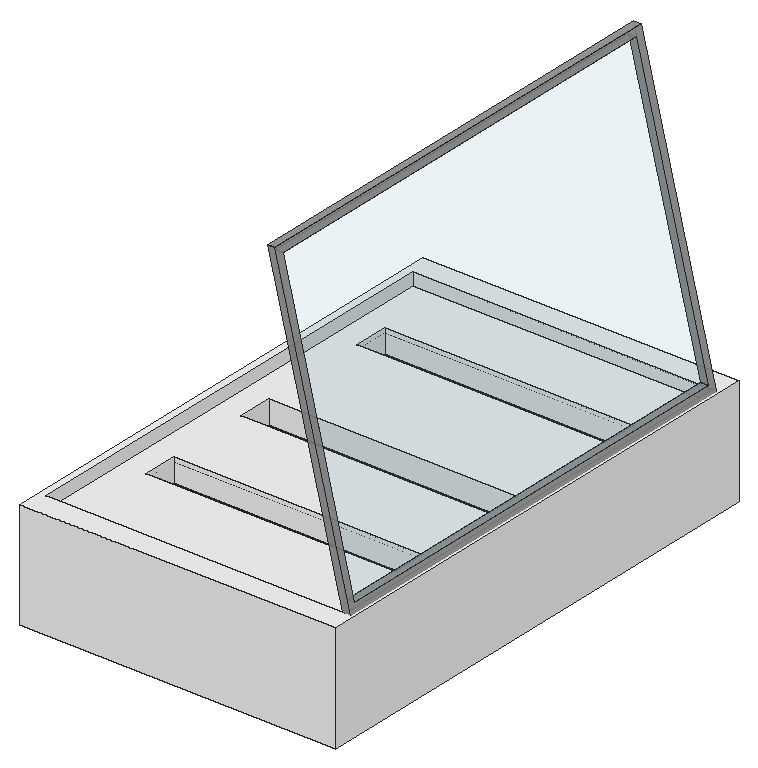
Revit family "Building-ContenitoriParete-GEWISS-40CDK-CENTRALINI_IP65_3X", category Apparecchi elettrici, host Superficie, Revit 2016
Family settings
  Host = Superficie
  Mantenere orientamento annotazione = Sì
  Tipo di parte = Normale
  Quota connettore circolare = Usa diametro
  Numero OmniClass = 23.80.30.11.17
  Titolo OmniClass = Distribution Boards and Control Panels
  Taglio con vuoti quando caricato = No
  Condiviso = No
  Punto di calcolo locali = Sì
Parameters (values of type "GW40108 - QUADRO DIS.PARETE 54M.(18X3) IP65")
  voltaggio_quadro = 0 V
  fase1 = 0 VA
  Versione file RFA = "18.0"
  VISIBILITA'_QUADRO_IN PIANTA [instance] = yes
  VISIBILITA'_ETICHETTA QUADRO [instance] = yes
  URL = "https://www.gewiss.com/it/it"
  Tipo Materiale = "Halogen free secondo norma EN 60754-2"
  Termopressione con biglia = "70 °C"
  Tensione nominale di isolamento (Ui) = "1000 V"
  Tensione nominale = "400V"
  Tensione di isolamento: = "1000 V secondo EN 62208 sia in ac che in dc"
  Temperatura di impiego = "-25 +60 °C"
  Spostamento_x [instance] = 1000 mm
  Spostamento_effettivo_x [instance] = 1000 mm + Spostamento_x  # 2000 mm
  Spostamento_effettivo_x_ET [instance] = 1000 mm + Spostamento_x_ET  # 2000 mm
  Spostamento_x_ET = 1000 mm
  VISIBILITA'_SPORTELLO [instance] = yes
  VISIBILITA'_SIMBOLO_2D [instance] = yes
  Scheda Tecnica = "https://www.gewiss.com/it/it/search?q=GW40108"
  SEO = "Quadro"
  Resistenza agli urti = "IK09"
  QUADRO = FINITURA BIANCA
  Default Elevation = 1219.2 mm
  Prondita_quadro = 140 mm  # constant formula
  Produttore = "GEWISS S.p.A."
  Potenza dissipabile (W) = "66"
  Normativa = "EN 60670-1 (CEI 23-48) IEC60670-24 CEI 23-49"
  Norma di riferimento = "EN 60670-1 (CEI 23-48) IEC60670-24 CEI 23-49"
  Nome quadro [instance] = "Nome quadro"
  N.M. = 18
  N. mod. EN 50022: = "54 (18x3)"
  N. mod. EN 50022 = "54 (18x3)"
  Modello = "GW40108"
  Max.morsettiere installabili = "2 x18 moduli"
  L_quadro = 410 mm
  L_finestratura = Dimensione_modulo * N.M.  # 324 mm
  IDT = "68f9e14e-b0aa-41f9-8f3c-b00676268cd7"
  IDF = "fb6c3057-3f66-45a4-bcb5-148792d77ec7"
  H_quadro = 655 mm
  H_finestratura = 45 mm  # constant formula
  Grado di protezione = "IP65"
  Glow Wire Test = "650°C"
  Dimensione_modulo = 18 mm
  Dim. esterne BxHxP (mm) = "410x655x140"
  Diametro_tubazione = 30 mm
  Descrizione = "QUADRO DIS.PARETE 54M.(18X3) IP65"
  Creato da GEWISS S.p.A. = ""
  Corrente nominale: = "125A"
  Colore porta = "Trasparente fume'"
  Colore = "Grigio RAL 7035"
  Codice Electrocod = "0321"
  Codice EAN = "8011564062252"
  Classe isolamento = "II (secondo Norma IEC 61140)"
  Catalogo Serie = "40 CDK"
  Catalogo = "BUILDING"
  COBie.Tagnumber = ""
  COBie.CreatedOn = ""
  COBie.CreatebBy = ""
  COBie.ComponentRegisterItemID = ""
  COBie.Component.TagNumber = ""
  COBie.Component.Space = ""
  COBie.Component.SerialNumber = ""
  COBie.Component.InstallationDate = ""
  COBie.Component.Description = ""
  COBie.Component.BarCode = ""
  Apertura [instance] = 45.00°
  Accessori per ripristino isolamento = "Tappi coprivite (GW44623) o staffe di fissaggio in resina (GW44621)"
Types (2, lengths in mm): name | Scheda Tecnica | Potenza dissipabile (W) | N.M. | N. mod. EN 50022: | N. mod. EN 50022 | Modello | Max.morsettiere installabili | L_quadro | L_finestratura | IDT | H_quadro | Dim. esterne BxHxP (mm) | Descrizione | Codice EAN
  GW40105 - QUADRO DIS.PARETE 36M.(12X3) IP65 | "https://www.gewiss.com/it/it/search?q=GW40105" | "42" | 12 | "36 (12x3)" | "36 (12x3)" | "GW40105" | "3 x 12 moduli" | 298 | 216 | "85c86d03-d810-418a-93a3-42e2bad50342" | 570 | "298x570x140" | "QUADRO DIS.PARETE 36M.(12X3) IP65" | "8011564111370"
  GW40108 - QUADRO DIS.PARETE 54M.(18X3) IP65 | "https://www.gewiss.com/it/it/search?q=GW40108" | "66" | 18 | "54 (18x3)" | "54 (18x3)" | "GW40108" | "2 x18 moduli" | 410 | 324 | "68f9e14e-b0aa-41f9-8f3c-b00676268cd7" | 655 | "410x655x140" | "QUADRO DIS.PARETE 54M.(18X3) IP65" | "8011564062252"
Reference planes
  plane 1 "Centro (Fronte/Retro)": y = 0
  plane 2: z = 0
  plane 3 "Centro (Sinistra/Destra)": x = 0
  plane 4: x = -205
  plane 5: y = -327.5
  plane 6: x = 205
  plane 7: y = 327.5
  plane 8: x = -162
  plane 9: x = 162
  plane 10: z = 140
  plane 11: y = 297.5
  plane 12: y = -297.5
  plane 13 "POSIZIONE": z = 124
  plane 14: z = 94
  plane 15: z = 119
  plane 16: x = -2000
  plane 17: x = 0
  plane 18: z = 534
  plane 19: y = -153.94
  plane 20: y = 22.5
  plane 21: y = -22.5
  plane 22: x = -195
  plane 23: x = 195
  plane 24: x = 0
  plane 25: y = 211.06
  plane 26: y = 146.06
  plane 27: y = 166.06
  plane 28: y = -131.44
  plane 29: y = -176.44
  plane 30: z = 135
  plane 31: y = -196.44
  plane 32: y = -111.44
  plane 33: y = -42.5
  plane 34: y = 42.5
  plane 35: y = 146.06
  plane 36: y = 231.06
  plane 37: z = 150
  plane 38: y = 287.5
  plane 39: y = -287.5
Forms (mm)
  Extrusion 1, solid, material "FINITURA BIANCA" <- "QUADRO"
    sketch origin (0, 0, 0) x (1, 0, 0) y (0, 1, 0)
      loop
        line (-205, 327.5) -> (-205, -327.5) -> (205, -327.5) -> (205, 327.5) -> (-205, 327.5)
    from 0 to 140
  Extrusion 2, void
    sketch origin (0, 0, 0) x (1, 0, 0) y (0, 1, 0)
      loop
        line (-195, 297.5) -> (-195, -297.5) -> (195, -297.5) -> (195, 297.5) -> (-195, 297.5)
    from 124 to 140
  Extrusion 3, void
    sketch origin (0, 0, 0) x (1, 0, 0) y (0, 1, 0)
      loop
        line (-162, -131.44) -> (-162, -176.44) -> (162, -176.44) -> (162, -131.44) -> (-162, -131.44)
    from 94 to 140
  Extrusion 4, solid, material "Default - Vetro", visible <- "VISIBILITA'_SPORTELLO"
    sketch origin (23.292, 0, -21.697) x (0.970296, 0, 0.241922) y (-0.241922, 0, 0.970296)
      loop
        line (211.558, 97.41) -> (211.558, 519.962) -> (201.558, 522.455) -> (201.558, 99.903) -> (211.558, 97.41)
    from -297.5 to 297.5
  Extrusion 5, void
    sketch origin (0, 155, 0) x (1, 0, 0) y (0, 1, 0)
      loop
        line (-162, 56.06) -> (-162, 11.06) -> (162, 11.06) -> (162, 56.06) -> (-162, 56.06)
    from 94 to 124
  Extrusion 6, solid, material "SUP_TRASPARENTE"
    sketch origin (0, 0, 124) x (-1, 0, 0) y (0, -1, 0)
      loop
        line (162, -211.06) -> (162, -166.06) -> (-162, -166.06) -> (-162, -211.06) -> (162, -211.06)
      loop
        line (162, 131.44) -> (162, 176.44) -> (-162, 176.44) -> (-162, 131.44) -> (162, 131.44)
      loop
        line (-162, -22.5) -> (162, -22.5) -> (162, 22.5) -> (-162, 22.5) -> (-162, -22.5)
    from -5 to 0
  Extrusion 7, void
    sketch origin (0, 0, 124) x (-1, 0, 0) y (0, -1, 0)
      loop
        line (-162, -22.5) -> (162, -22.5) -> (162, 22.5) -> (-162, 22.5) -> (-162, -22.5)
    from -30 to 0
  Extrusion 8, void
    sketch origin (0, 0, 0) x (1, 0, 0) y (0, 0, 1)
      loop
        line (94.963, 524) -> (188.211, 150) -> (198.517, 150) -> (105.269, 524) -> (94.963, 524)
    from -287.5 to 287.5
  Extrusion 9, solid, material "Vetro", visible <- "VISIBILITA'_SPORTELLO"
    sketch origin (0, 0, 0) x (1, 0, 0) y (0, 0, 1)
      loop
        line (198.517, 150) -> (105.269, 524) -> (94.963, 524) -> (188.211, 150) -> (198.517, 150)
    from -287.5 to 287.5
Cuts and joins
  Extrusion 2, Extrusion 3, Extrusion 5, Extrusion 7 cuts Extrusion 1
  Extrusion 7, Extrusion 8 cuts Extrusion 4
  Extrusion 7 cuts Extrusion 6
Lines and regions (mm)
  Masking region 1, visible <- "VISIBILITA'_QUADRO_IN PIANTA"
    outline origin (0, 0, 0) x (1, 0, 0) y (0, 0, 1)
      loop
        line (-205, 140) -> (-205, 0) -> (205, 0) -> (205, 140) -> (-205, 140)
  symbolic lines, visible <- "VISIBILITA'_QUADRO_IN PIANTA"
    curve 1: arc (-205, 0, 140) -> (-173.791, 0, 296.9) -> (-84.914, 0, 429.914) r 410
    curve 2: line (-84.914, 0, 429.914) -> (205, 0, 140)
  model lines, style "InvisibleLines"
    curve 3: line (-162, -153.94, 124) -> (162, -153.94, 124)
    curve 4: line (-162, 146.06, 124) -> (162, 146.06, 124)
    curve 5: line (-162, 0, 124) -> (162, 0, 124)
Dimensions and locks
  equal spacing: plane 8, plane 3 "Centro (Sinistra/Destra)", plane 9
  equal spacing: plane 4, plane 3 "Centro (Sinistra/Destra)", plane 6
  equal spacing: plane 7, plane 1 "Centro (Fronte/Retro)", plane 5
  "L_quadro": plane 4 to plane 6
  "H_quadro": plane 7 to plane 5
  "Prondita_quadro": plane 10 to plane 2
  "L_finestratura": plane 8 to plane 9
  locked: plane 7 to plane 11 at 30
  locked: plane 12 to plane 5 at 30
  locked: plane 13 "POSIZIONE" to plane 14 at 30
  locked: plane 10 to plane 13 "POSIZIONE" at 16
  locked: plane 13 "POSIZIONE" to plane 15 at 5
  plane 16 to plane 3 "Centro (Sinistra/Destra)" = 2000 mm
  "Spostamento_effettivo_x": plane 16 to plane 17
  "L_quadro": plane 18 to plane 13 "POSIZIONE"
  locked: plane 4 to plane 22 at 10
  locked: plane 23 to plane 6 at 10
  equal spacing: plane 21, plane 1 "Centro (Fronte/Retro)", plane 20
  "H_finestratura": plane 21 to plane 20
  "Spostamento_effettivo_x_ET": plane 16 to plane 24
  locked: plane 10 to plane 30 at 5
  locked: plane 31 to plane 29 at 20
  locked: plane 28 to plane 32 at 20
  locked: plane 33 to plane 21 at 20
  locked: plane 20 to plane 34 at 20
  locked: plane 35 to plane 27 at 20
  locked: plane 25 to plane 36 at 20
  plane 25 to plane 27 = 45 mm
  locked: plane 11 to plane 36 at 66.44
  locked: plane 37 to plane 10 at 10
  locked: plane 18 to cut or joined group of Extrusion 4, Extrusion 7, Extrusion 8 at 10
  locked: plane 39 to plane 12 at 10
  locked: plane 11 to plane 38 at 10
  "Apertura": angle curve 1 to curve 1
  aligned and locked: plane 2 to host face
  aligned and locked: level to host face
  aligned and locked: Extrusion 1 sketch curve to plane 4
  aligned and locked: Extrusion 1 sketch curve to plane 7
  aligned and locked: Extrusion 1 sketch curve to plane 6
  aligned and locked: Extrusion 1 sketch curve to plane 5
  aligned and locked: plane 10 to Extrusion 1
  aligned and locked: Extrusion 2 sketch curve to plane 11
  aligned and locked: Extrusion 2 sketch curve to plane 12
  aligned and locked: Extrusion 2 to plane 13 "POSIZIONE"
  aligned and locked: plane 10 to Extrusion 2
  aligned and locked: Extrusion 3 sketch curve to plane 8
  aligned and locked: Extrusion 3 sketch curve to plane 9
  aligned and locked: Extrusion 3 to plane 14
  aligned and locked: plane 10 to Extrusion 3
  aligned and locked: Masking region 1 sketch curve to plane 4
  aligned and locked: Masking region 1 sketch curve to plane 6
  aligned and locked: Masking region 1 sketch curve to level
  aligned and locked: Masking region 1 sketch curve to plane 10
  aligned and locked: plane 11 to Extrusion 4
  aligned and locked: Extrusion 4 to plane 12
  aligned and locked: Extrusion 4 sketch curve to plane 13 "POSIZIONE"
  aligned and locked: plane 6 to Extrusion 4 sketch curve
  aligned and locked: Extrusion 4 sketch curve to plane 18
  aligned and locked: plane 10 to curve 2
  aligned and locked: plane 8 to curve 3
  aligned and locked: plane 9 to curve 3
  aligned and locked: plane 17 to nested 2
  aligned and locked: curve 3 to plane 19
  aligned and locked: Extrusion 2 sketch curve to plane 22
  aligned and locked: Extrusion 2 sketch curve to plane 23
  aligned and locked: Extrusion 6 sketch curve to plane 8  (x2)
  aligned and locked: Extrusion 6 sketch curve to plane 9  (x2)
  aligned and locked: Extrusion 6 to plane 15
  aligned and locked: plane 13 "POSIZIONE" to Extrusion 6
  aligned and locked: cut or joined group of Extrusion 1, Extrusion 2, Extrusion 3, Extrusion 5, Extrusion 7 to plane 14  (x2)
  aligned and locked: Extrusion 5 to Extrusion 2
  aligned and locked: Extrusion 6 sketch curve to plane 20
  aligned and locked: Extrusion 6 sketch curve to plane 21
  aligned and locked: Extrusion 7 sketch curve to plane 20
  aligned and locked: Extrusion 7 sketch curve to plane 21
  aligned and locked: Extrusion 7 sketch curve to plane 9
  aligned and locked: Extrusion 7 sketch curve to plane 8
  aligned and locked: Extrusion 7 to Extrusion 2
  aligned and locked: plane 1 "Centro (Fronte/Retro)" to curve 5
  aligned and locked: plane 8 to curve 5
  aligned and locked: plane 9 to curve 5
  aligned and locked: plane 24 to nested 1
  aligned and locked: curve 4 to plane 26
  aligned and locked: Extrusion 6 sketch curve to plane 25
  aligned and locked: Extrusion 6 sketch curve to plane 27
  aligned and locked: plane 28 to Extrusion 6 sketch curve
  aligned and locked: plane 29 to Extrusion 6 sketch curve
  aligned and locked: Extrusion 5 to cut or joined group of Extrusion 6, Extrusion 7  (x2)
  aligned and locked: plane 29 to cut or joined group of Extrusion 1, Extrusion 2, Extrusion 3, Extrusion 5, Extrusion 7
  aligned and locked: cut or joined group of Extrusion 1, Extrusion 2, Extrusion 3, Extrusion 5, Extrusion 7 to plane 28
  aligned and locked: cut or joined group of Extrusion 4, Extrusion 7, Extrusion 8 to Extrusion 8 sketch curve  (x2)
  aligned and locked: Extrusion 8 sketch curve to plane 37
  aligned and locked: plane 38 to cut or joined group of Extrusion 4, Extrusion 7, Extrusion 8
  aligned and locked: cut or joined group of Extrusion 4, Extrusion 7, Extrusion 8 to plane 39
  aligned and locked: cut or joined group of Extrusion 4, Extrusion 7, Extrusion 8 to Extrusion 9 sketch curve  (x2)
  aligned and locked: Extrusion 9 sketch curve to cut or joined group of Extrusion 4, Extrusion 7, Extrusion 8
  aligned and locked: Extrusion 9 sketch curve to plane 37
  aligned and locked: plane 38 to Extrusion 9
  aligned and locked: Extrusion 9 to plane 39
Automatic sketch dimensions
  host sketch curve to host sketch curve = 2438.4 mm  (x2)
  plane 29 to Extrusion 3 sketch curve = 0 mm
  plane 28 to Extrusion 3 sketch curve = 0 mm
  curve 4 to plane 9 = 0 mm
  curve 4 to plane 8 = 0 mm
  Extrusion 4 sketch curve to Extrusion 4 sketch curve = 10 mm
  Extrusion 5 sketch curve to plane 8 = 0 mm
  Extrusion 5 sketch curve to plane 9 = 0 mm
  Extrusion 5 sketch curve to plane 27 = 0 mm
  Extrusion 5 sketch curve to plane 25 = 0 mm
  Extrusion 6 sketch curve to plane 9 = 0 mm
  Extrusion 6 sketch curve to plane 8 = 0 mm
  Extrusion 8 sketch curve to plane 18 = 10 mm
  curve 1 to plane 4 = 0 mm
  plane 6 to curve 2 = 0 mm
  plane 6 to curve 1 = 0 mm
  curve 1 to plane 10 = 0 mm
Nested families
  nested 1: "etichetta quadro" at (0, 185.807, 0), visible <- "VISIBILITA'_ETICHETTA QUADRO", type "etichetta quadro"
  nested 2: "CENTRALINO" at (0, 396.712, 0), SIMBOLO ACCESO <- "VISIBILITA'_SIMBOLO_2D", type "CENTRALINO"
    with SIMBOLO ACCESO yes, BORDO ACCESO yes
Connectors
  electrical at (0, -327.5, 70), driven by "voltaggio_quadro", driven by "fase1"
    settings: on cut or joined group of Extrusion 1, Extrusion 2, Extrusion 3, Extrusion 5, Extrusion 7, index 1, voltage 0 V, apparent load 0 VA, apparent load phase1 0 VA, apparent load phase2 0 VA, apparent load phase3 0 VA, power factor 1, load classification "Altro", number of poles 1, system type 31, power factor state 1, is connector primary yes, connector utility no, sub classification motor no, connector description ""
  cabletrayconduit at (0, 327.5, 70), diameter 30, driven by "Diametro_tubazione"
    settings: on cut or joined group of Extrusion 1, Extrusion 2, Extrusion 3, Extrusion 5, Extrusion 7, index 2, connector width 300 mm, connector height 300 mm, connector angle 0.00°, system type 32, placement type 0, profile type 0, connector reference index -1, is primary connector yes, connector utility param no, connector description ""
Definition of nested family "etichetta quadro"
  Parameters (values of type "etichetta quadro")
    Nome Quadro = "Nome quadro"
  Reference planes
    plane 1: y = 0
    plane 2: x = 0
  Text (mm)
    label "QE" at (0.542, 2.149, 0), shows "Nome Quadro"
Definition of nested family "CENTRALINO"
  Parameters (values of type "CENTRALINO")
    SIMBOLO ACCESO [instance] = yes
    Distanza dal muro = 4.208 mm
    BORDO ACCESO [instance] = yes
  Reference planes
    plane 1: y = 0
    plane 2: x = 0
  Lines and regions (mm)
    detail lines, visible <- "BORDO ACCESO", not visible
      curve 1: line (-2.443, 10.208, 0) -> (2.057, 10.208, 0)
      curve 2: line (2.057, 10.208, 0) -> (2.057, 4.208, 0)
      curve 3: line (2.057, 4.208, 0) -> (-2.443, 4.208, 0)
      curve 4: line (-2.443, 4.208, 0) -> (-2.443, 10.208, 0)
      curve 5: line (-2.043, 9.808, 0) -> (1.657, 9.808, 0)
      curve 6: line (1.657, 9.808, 0) -> (1.657, 4.608, 0)
      curve 7: line (1.657, 4.608, 0) -> (-2.043, 4.608, 0)
      curve 8: line (-2.043, 4.608, 0) -> (-2.043, 9.808, 0)
    detail lines, visible <- "SIMBOLO ACCESO"
      curve 9: line (0, 1.086, 0) -> (0, 0.282, 0)
      curve 10: line (0.79, 1.086, 0) -> (0.79, 1.877, 0)
      curve 11: line (0.79, 1.877, 0) -> (-0.79, 1.877, 0)
      curve 12: line (-0.79, 1.877, 0) -> (-0.79, 1.086, 0)
      curve 13: line (-0.79, 1.086, 0) -> (0.79, 1.086, 0)
      curve 14: line (0.596, 1.877, 0) -> (0.596, 2.682, 0)
      curve 15: line (0.201, 1.877, 0) -> (0.201, 2.682, 0)
      curve 16: line (-0.194, 1.877, 0) -> (-0.194, 2.682, 0)
      curve 17: line (-0.59, 1.877, 0) -> (-0.59, 2.682, 0)
